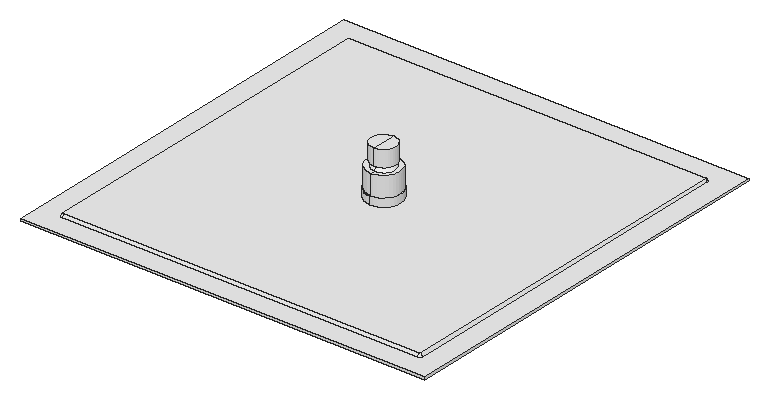
Revit family "ShowerHead-Vitra-LiteSeries-A45645", category Plumbing Fixtures, Revit 2017
Family settings
  Round Connector Dimension = Use Diameter
  Part Type = Normal
  OmniClass Number = 23.45.00.00
  OmniClass Title = Sanitary, Laundry, and Cleaning Equipment
  Work Plane-Based = Yes
  Always vertical = No
  Cut with Voids When Loaded = No
  Shared = Yes
  Room Calculation Point = No
Parameters (values of type "ShowerHead-Vitra-LiteSeries-A45645")
  Youtube = ""
  Weight Net (kg) = "3.6"
  Waste Connection = no
  Warranty Period (Year) = "5"
  Vent Connection = no
  Uniformat II Description = "Plumbing Fixtures"
  Uniformat II Code = "D2010"
  Uniclass 2015 Name = "Shower heads"
  Uniclass 2015 Code = "Pr_40_20_87_76"
  Uniclass 2.0 Description = "Shower Heads"
  Uniclass 2.0 Code = "PR-35-06-81"
  Uniclass 1.4 Description = "Showers"
  Uniclass 1.4 Code = "L7214"
  URL = "https://vitraglobal.com/"
  UNSPSC Description = ""
  UNSPSC Code = ""
  Technical description = "https://www.vitra.com.tr/pdf/A45645/"
  Tap hole Options (default) = ""
  Specification = ""
  Region South America = "All"
  Region Oceania = "All"
  Region North America = "All"
  Region Middle East = "All"
  Region Europe = "All"
  Region Asia = "All"
  Region Antarctica = "All"
  Region Africa = "All"
  Product url = "https://www.vitra.com.tr/dus-sistemleri/dus-basliklari/dus-basliklari/lite-ls-dus-basligi-sku-A45645/"
  Product manual = ""
  Product group = "Shower Heads"
  Product family = "Lite Series"
  Product data url = ""
  Product certification = "https://www.vitraglobal.com/brochures/"
  Product Type = "Shower Head"
  Product SKU = "A45645"
  Product Properties = "Shower Head  18 L/min."
  Product Guid = ""
  OmniClass Description = "Shower Head Fixtures"
  OmniClass Code = "23-31 17 19"
  Number Of Connections = "1"
  Nominal Width (mm) = 400 mm
  Nominal Height (mm) = 60 mm
  Nominal Depth (mm) = 400 mm
  NBS Referans Description = ""
  NBS Referans Code = ""
  Mounting type = ""
  Model = "A45645"
  Masterformat 2014 Description = "Residential Showers"
  Masterformat 2014 Code = "22 41 23"
  Manufacturer name = "Vitra"
  Manufacturer = "Vitra"
  Main Material = ""
  Installation instructions = ""
  IFC Classification = "Sanitary Terminal"
  Help = ""
  HW Connection = yes
  GTIP code = ""
  Features = ""
  EAN code = ""
  Design country = "Turkey"
  Description = "Lite LS Duş Başlığı"
  Default Elevation = 2300 mm
  Connection Diameter (mm) = 15 mm
  Color = "Chrome"
  Coating Material = Chrome
  Calculated flow = ""
  CW Connection = yes
  COBIe Type Category = ""
  Brand = "Artema"
  BIMobject category = "Showers"
  Article No. (default) = "A45645"
  Approvals = ""
  ApplicationType = ""
  Accessories (default) = ""
Reference planes
  plane 1 "Center (Front/Back)": y = 0
  plane 2: z = 0
  plane 3 "Center (Left/Right)": x = 0
  plane 4: z = -60
  plane 5: y = 200.783
  plane 6: y = -199.217
  plane 7: x = 200
  plane 8: x = -200
Forms (mm)
  Extrusion 1, solid, material "Chrome" <- "Coating Material", detail levels medium+fine
    sketch origin (0, -207.217, -50.3) x (1, 0, 0) y (0, 1, 0)
      loop
        line (-200, 408) -> (-200, 8) -> (200, 8) -> (200, 408) -> (-200, 408)
    from 0 to -2
  Blend 2, solid, material "Chrome" <- "Coating Material", detail levels medium+fine
    base sketch origin (0, -207.217, -50.3) x (1, 0, 0) y (0, 1, 0)
      loop
        arc (175.809, 29.702) -> (177.583, 30.421) -> (178.298, 32.196) r 2.447
        line (178.298, 32.196) -> (178.298, 383.809)
        arc (178.298, 383.809) -> (177.579, 385.583) -> (175.804, 386.298) r 2.447
        line (175.804, 386.298) -> (-175.809, 386.298)
        arc (-175.809, 386.298) -> (-177.583, 385.579) -> (-178.298, 383.804) r 2.447
        line (-178.298, 383.804) -> (-178.298, 32.191)
        arc (-178.298, 32.191) -> (-177.579, 30.417) -> (-175.804, 29.702) r 2.447
        line (-175.804, 29.702) -> (175.809, 29.702)
    top sketch origin (183.928, 0.783, -47.8) x (0, 1, 0) y (-1, 0, 0)
      loop
        line (175.854, 360.783) -> (-175.854, 360.783)
        arc (-175.854, 360.783) -> (-176.56, 360.488) -> (-176.854, 359.783) r 1.004
        line (-176.854, 359.783) -> (-176.854, 8.074)
        arc (-176.854, 8.074) -> (-176.56, 7.368) -> (-175.854, 7.074) r 1.004
        line (-175.854, 7.074) -> (175.854, 7.074)
        arc (175.854, 7.074) -> (176.56, 7.368) -> (176.854, 8.074) r 1.004
        line (176.854, 8.074) -> (176.854, 359.783)
        arc (176.854, 359.783) -> (176.56, 360.488) -> (175.854, 360.783) r 1.004
    from 0 to 0
  Revolve 3, solid, material "Chrome" <- "Coating Material", detail levels medium+fine
    sketch origin (0, 0, 0) x (0, 1, 0) y (0, 0, 1)
      loop
        line (16.064, -40.067) -> (16.064, -20.51) -> (11.064, -20.51) -> (8.535, -17.511) -> (8.535, -16.514)
        arc (8.535, -16.514) -> (8.827, -15.809) -> (9.531, -15.518) r 0.997
        line (9.531, -15.518) -> (12.11, -15.518) -> (12.11, 0) -> (0, 0) -> (0, -40.067) -> (0, -47.8) -> (17.086, -47.8) -> (17.086, -40.067) -> (16.064, -40.067)
      axis (0, -47.8) -> (0, 0)
    angle from 0 to 360
  Extrusion 4, solid, detail levels fine
    sketch origin (159.861, 0.783, -57.3) x (0, -1, 0) y (-1, 0, 0)
      loop
        circle (-159.972, 319.939) r 3.98
    from -5 to 0
  Extrusion 5, solid, detail levels fine
    sketch origin (479.813, 0.783, -57.3) x (0, -1, 0) y (-1, 0, 0)
      loop
        circle (-159.972, 319.939) r 3.98
    from -5 to 0
  Extrusion 6, solid, detail levels fine
    sketch origin (179.892, 0.783, -57.3) x (0, -1, 0) y (-1, 0, 0)
      loop
        circle (-159.972, 319.939) r 3.98
    from -5 to 0
  Extrusion 7, solid, detail levels fine
    sketch origin (199.845, 0.783, -57.3) x (0, -1, 0) y (-1, 0, 0)
      loop
        circle (-159.972, 319.939) r 3.98
    from -5 to 0
  Extrusion 8, solid, detail levels fine
    sketch origin (219.876, 0.783, -57.3) x (0, -1, 0) y (-1, 0, 0)
      loop
        circle (-159.972, 319.939) r 3.98
    from -5 to 0
  Extrusion 9, solid, detail levels fine
    sketch origin (239.868, 0.783, -57.3) x (0, -1, 0) y (-1, 0, 0)
      loop
        circle (-159.972, 319.939) r 3.98
    from -5 to 0
  Extrusion 10, solid, detail levels fine
    sketch origin (259.86, 0.783, -57.3) x (0, -1, 0) y (-1, 0, 0)
      loop
        circle (-159.972, 319.939) r 3.98
    from -5 to 0
  Extrusion 11, solid, detail levels fine
    sketch origin (279.853, 0.783, -57.3) x (0, -1, 0) y (-1, 0, 0)
      loop
        circle (-159.972, 319.939) r 3.98
    from -5 to 0
  Extrusion 12, solid, detail levels fine
    sketch origin (299.845, 0.783, -57.3) x (0, -1, 0) y (-1, 0, 0)
      loop
        circle (-159.972, 319.939) r 3.98
    from -5 to 0
  Extrusion 13, solid, detail levels fine
    sketch origin (319.837, 0.783, -57.3) x (0, -1, 0) y (-1, 0, 0)
      loop
        circle (-159.972, 319.939) r 3.98
    from -5 to 0
  Extrusion 14, solid, detail levels fine
    sketch origin (339.829, 0.783, -57.3) x (0, -1, 0) y (-1, 0, 0)
      loop
        circle (-159.972, 319.939) r 3.98
    from -5 to 0
  Extrusion 15, solid, detail levels fine
    sketch origin (359.86, 0.783, -57.3) x (0, -1, 0) y (-1, 0, 0)
      loop
        circle (-159.972, 319.939) r 3.98
    from -5 to 0
  Extrusion 16, solid, detail levels fine
    sketch origin (379.813, 0.783, -57.3) x (0, -1, 0) y (-1, 0, 0)
      loop
        circle (-159.972, 319.939) r 3.98
    from -5 to 0
  Extrusion 17, solid, detail levels fine
    sketch origin (399.845, 0.783, -57.3) x (0, -1, 0) y (-1, 0, 0)
      loop
        circle (-159.972, 319.939) r 3.98
    from -5 to 0
  Extrusion 18, solid, detail levels fine
    sketch origin (419.876, 0.783, -57.3) x (0, -1, 0) y (-1, 0, 0)
      loop
        circle (-159.972, 319.939) r 3.98
    from -5 to 0
  Extrusion 19, solid, detail levels fine
    sketch origin (439.751, 0.783, -57.3) x (0, -1, 0) y (-1, 0, 0)
      loop
        circle (-159.972, 319.939) r 3.98
    from -5 to 0
  Extrusion 20, solid, detail levels fine
    sketch origin (459.782, 0.783, -57.3) x (0, -1, 0) y (-1, 0, 0)
      loop
        circle (-159.972, 319.939) r 3.98
    from -5 to 0
  Extrusion 21, solid, detail levels fine
    sketch origin (159.861, -319.296, -57.3) x (0, -1, 0) y (-1, 0, 0)
      loop
        circle (-159.972, 319.939) r 3.98
    from -5 to 0
  Extrusion 22, solid, detail levels fine
    sketch origin (479.813, -319.296, -57.3) x (0, -1, 0) y (-1, 0, 0)
      loop
        circle (-159.972, 319.939) r 3.98
    from -5 to 0
  Extrusion 23, solid, detail levels fine
    sketch origin (179.892, -319.296, -57.3) x (0, -1, 0) y (-1, 0, 0)
      loop
        circle (-159.972, 319.939) r 3.98
    from -5 to 0
  Extrusion 24, solid, detail levels fine
    sketch origin (199.845, -319.296, -57.3) x (0, -1, 0) y (-1, 0, 0)
      loop
        circle (-159.972, 319.939) r 3.98
    from -5 to 0
  Extrusion 25, solid, detail levels fine
    sketch origin (219.876, -319.296, -57.3) x (0, -1, 0) y (-1, 0, 0)
      loop
        circle (-159.972, 319.939) r 3.98
    from -5 to 0
  Extrusion 26, solid, detail levels fine
    sketch origin (239.868, -319.296, -57.3) x (0, -1, 0) y (-1, 0, 0)
      loop
        circle (-159.972, 319.939) r 3.98
    from -5 to 0
  Extrusion 27, solid, detail levels fine
    sketch origin (259.86, -319.296, -57.3) x (0, -1, 0) y (-1, 0, 0)
      loop
        circle (-159.972, 319.939) r 3.98
    from -5 to 0
  Extrusion 28, solid, detail levels fine
    sketch origin (279.853, -319.296, -57.3) x (0, -1, 0) y (-1, 0, 0)
      loop
        circle (-159.972, 319.939) r 3.98
    from -5 to 0
  Extrusion 29, solid, detail levels fine
    sketch origin (299.845, -319.296, -57.3) x (0, -1, 0) y (-1, 0, 0)
      loop
        circle (-159.972, 319.939) r 3.98
    from -5 to 0
  Extrusion 30, solid, detail levels fine
    sketch origin (319.837, -319.296, -57.3) x (0, -1, 0) y (-1, 0, 0)
      loop
        circle (-159.972, 319.939) r 3.98
    from -5 to 0
  Extrusion 31, solid, detail levels fine
    sketch origin (339.829, -319.296, -57.3) x (0, -1, 0) y (-1, 0, 0)
      loop
        circle (-159.972, 319.939) r 3.98
    from -5 to 0
  Extrusion 32, solid, detail levels fine
    sketch origin (359.86, -319.296, -57.3) x (0, -1, 0) y (-1, 0, 0)
      loop
        circle (-159.972, 319.939) r 3.98
    from -5 to 0
  Extrusion 33, solid, detail levels fine
    sketch origin (379.813, -319.296, -57.3) x (0, -1, 0) y (-1, 0, 0)
      loop
        circle (-159.972, 319.939) r 3.98
    from -5 to 0
  Extrusion 34, solid, detail levels fine
    sketch origin (399.845, -319.296, -57.3) x (0, -1, 0) y (-1, 0, 0)
      loop
        circle (-159.972, 319.939) r 3.98
    from -5 to 0
  Extrusion 35, solid, detail levels fine
    sketch origin (419.876, -319.296, -57.3) x (0, -1, 0) y (-1, 0, 0)
      loop
        circle (-159.972, 319.939) r 3.98
    from -5 to 0
  Extrusion 36, solid, detail levels fine
    sketch origin (439.751, -319.296, -57.3) x (0, -1, 0) y (-1, 0, 0)
      loop
        circle (-159.972, 319.939) r 3.98
    from -5 to 0
  Extrusion 37, solid, detail levels fine
    sketch origin (459.782, -319.296, -57.3) x (0, -1, 0) y (-1, 0, 0)
      loop
        circle (-159.972, 319.939) r 3.98
    from -5 to 0
  Extrusion 38, solid, detail levels fine
    sketch origin (159.861, -19.222, -57.3) x (0, -1, 0) y (-1, 0, 0)
      loop
        circle (-159.972, 319.939) r 3.98
    from -5 to 0
  Extrusion 39, solid, detail levels fine
    sketch origin (479.813, -19.222, -57.3) x (0, -1, 0) y (-1, 0, 0)
      loop
        circle (-159.972, 319.939) r 3.98
    from -5 to 0
  Extrusion 40, solid, detail levels fine
    sketch origin (179.892, -19.222, -57.3) x (0, -1, 0) y (-1, 0, 0)
      loop
        circle (-159.972, 319.939) r 3.98
    from -5 to 0
  Extrusion 41, solid, detail levels fine
    sketch origin (199.845, -19.222, -57.3) x (0, -1, 0) y (-1, 0, 0)
      loop
        circle (-159.972, 319.939) r 3.98
    from -5 to 0
  Extrusion 42, solid, detail levels fine
    sketch origin (219.876, -19.222, -57.3) x (0, -1, 0) y (-1, 0, 0)
      loop
        circle (-159.972, 319.939) r 3.98
    from -5 to 0
  Extrusion 43, solid, detail levels fine
    sketch origin (239.868, -19.222, -57.3) x (0, -1, 0) y (-1, 0, 0)
      loop
        circle (-159.972, 319.939) r 3.98
    from -5 to 0
  Extrusion 44, solid, detail levels fine
    sketch origin (259.86, -19.222, -57.3) x (0, -1, 0) y (-1, 0, 0)
      loop
        circle (-159.972, 319.939) r 3.98
    from -5 to 0
  Extrusion 45, solid, detail levels fine
    sketch origin (279.853, -19.222, -57.3) x (0, -1, 0) y (-1, 0, 0)
      loop
        circle (-159.972, 319.939) r 3.98
    from -5 to 0
  Extrusion 46, solid, detail levels fine
    sketch origin (299.845, -19.222, -57.3) x (0, -1, 0) y (-1, 0, 0)
      loop
        circle (-159.972, 319.939) r 3.98
    from -5 to 0
  Extrusion 47, solid, detail levels fine
    sketch origin (319.837, -19.222, -57.3) x (0, -1, 0) y (-1, 0, 0)
      loop
        circle (-159.972, 319.939) r 3.98
    from -5 to 0
  Extrusion 48, solid, detail levels fine
    sketch origin (339.829, -19.222, -57.3) x (0, -1, 0) y (-1, 0, 0)
      loop
        circle (-159.972, 319.939) r 3.98
    from -5 to 0
  Extrusion 49, solid, detail levels fine
    sketch origin (359.86, -19.222, -57.3) x (0, -1, 0) y (-1, 0, 0)
      loop
        circle (-159.972, 319.939) r 3.98
    from -5 to 0
  Extrusion 50, solid, detail levels fine
    sketch origin (379.813, -19.222, -57.3) x (0, -1, 0) y (-1, 0, 0)
      loop
        circle (-159.972, 319.939) r 3.98
    from -5 to 0
  Extrusion 51, solid, detail levels fine
    sketch origin (399.845, -19.222, -57.3) x (0, -1, 0) y (-1, 0, 0)
      loop
        circle (-159.972, 319.939) r 3.98
    from -5 to 0
  Extrusion 52, solid, detail levels fine
    sketch origin (419.876, -19.222, -57.3) x (0, -1, 0) y (-1, 0, 0)
      loop
        circle (-159.972, 319.939) r 3.98
    from -5 to 0
  Extrusion 53, solid, detail levels fine
    sketch origin (439.751, -19.222, -57.3) x (0, -1, 0) y (-1, 0, 0)
      loop
        circle (-159.972, 319.939) r 3.98
    from -5 to 0
  Extrusion 54, solid, detail levels fine
    sketch origin (459.782, -19.222, -57.3) x (0, -1, 0) y (-1, 0, 0)
      loop
        circle (-159.972, 319.939) r 3.98
    from -5 to 0
  Extrusion 55, solid, detail levels fine
    sketch origin (159.861, -39.227, -57.3) x (0, -1, 0) y (-1, 0, 0)
      loop
        circle (-159.972, 319.939) r 3.98
    from -5 to 0
  Extrusion 56, solid, detail levels fine
    sketch origin (479.813, -39.227, -57.3) x (0, -1, 0) y (-1, 0, 0)
      loop
        circle (-159.972, 319.939) r 3.98
    from -5 to 0
  Extrusion 57, solid, detail levels fine
    sketch origin (179.892, -39.227, -57.3) x (0, -1, 0) y (-1, 0, 0)
      loop
        circle (-159.972, 319.939) r 3.98
    from -5 to 0
  Extrusion 58, solid, detail levels fine
    sketch origin (199.845, -39.227, -57.3) x (0, -1, 0) y (-1, 0, 0)
      loop
        circle (-159.972, 319.939) r 3.98
    from -5 to 0
  Extrusion 59, solid, detail levels fine
    sketch origin (219.876, -39.227, -57.3) x (0, -1, 0) y (-1, 0, 0)
      loop
        circle (-159.972, 319.939) r 3.98
    from -5 to 0
  Extrusion 60, solid, detail levels fine
    sketch origin (239.868, -39.227, -57.3) x (0, -1, 0) y (-1, 0, 0)
      loop
        circle (-159.972, 319.939) r 3.98
    from -5 to 0
  Extrusion 61, solid, detail levels fine
    sketch origin (259.86, -39.227, -57.3) x (0, -1, 0) y (-1, 0, 0)
      loop
        circle (-159.972, 319.939) r 3.98
    from -5 to 0
  Extrusion 62, solid, detail levels fine
    sketch origin (279.853, -39.227, -57.3) x (0, -1, 0) y (-1, 0, 0)
      loop
        circle (-159.972, 319.939) r 3.98
    from -5 to 0
  Extrusion 63, solid, detail levels fine
    sketch origin (299.845, -39.227, -57.3) x (0, -1, 0) y (-1, 0, 0)
      loop
        circle (-159.972, 319.939) r 3.98
    from -5 to 0
  Extrusion 64, solid, detail levels fine
    sketch origin (319.837, -39.227, -57.3) x (0, -1, 0) y (-1, 0, 0)
      loop
        circle (-159.972, 319.939) r 3.98
    from -5 to 0
  Extrusion 65, solid, detail levels fine
    sketch origin (339.829, -39.227, -57.3) x (0, -1, 0) y (-1, 0, 0)
      loop
        circle (-159.972, 319.939) r 3.98
    from -5 to 0
  Extrusion 66, solid, detail levels fine
    sketch origin (359.86, -39.227, -57.3) x (0, -1, 0) y (-1, 0, 0)
      loop
        circle (-159.972, 319.939) r 3.98
    from -5 to 0
  Extrusion 67, solid, detail levels fine
    sketch origin (379.813, -39.227, -57.3) x (0, -1, 0) y (-1, 0, 0)
      loop
        circle (-159.972, 319.939) r 3.98
    from -5 to 0
  Extrusion 68, solid, detail levels fine
    sketch origin (399.845, -39.227, -57.3) x (0, -1, 0) y (-1, 0, 0)
      loop
        circle (-159.972, 319.939) r 3.98
    from -5 to 0
  Extrusion 69, solid, detail levels fine
    sketch origin (419.876, -39.227, -57.3) x (0, -1, 0) y (-1, 0, 0)
      loop
        circle (-159.972, 319.939) r 3.98
    from -5 to 0
  Extrusion 70, solid, detail levels fine
    sketch origin (439.751, -39.227, -57.3) x (0, -1, 0) y (-1, 0, 0)
      loop
        circle (-159.972, 319.939) r 3.98
    from -5 to 0
  Extrusion 71, solid, detail levels fine
    sketch origin (459.782, -39.227, -57.3) x (0, -1, 0) y (-1, 0, 0)
      loop
        circle (-159.972, 319.939) r 3.98
    from -5 to 0
  Extrusion 72, solid, detail levels fine
    sketch origin (159.861, -59.232, -57.3) x (0, -1, 0) y (-1, 0, 0)
      loop
        circle (-159.972, 319.939) r 3.98
    from -5 to 0
  Extrusion 73, solid, detail levels fine
    sketch origin (479.813, -59.232, -57.3) x (0, -1, 0) y (-1, 0, 0)
      loop
        circle (-159.972, 319.939) r 3.98
    from -5 to 0
  Extrusion 74, solid, detail levels fine
    sketch origin (179.892, -59.232, -57.3) x (0, -1, 0) y (-1, 0, 0)
      loop
        circle (-159.972, 319.939) r 3.98
    from -5 to 0
  Extrusion 75, solid, detail levels fine
    sketch origin (199.845, -59.232, -57.3) x (0, -1, 0) y (-1, 0, 0)
      loop
        circle (-159.972, 319.939) r 3.98
    from -5 to 0
  Extrusion 76, solid, detail levels fine
    sketch origin (219.876, -59.232, -57.3) x (0, -1, 0) y (-1, 0, 0)
      loop
        circle (-159.972, 319.939) r 3.98
    from -5 to 0
  Extrusion 77, solid, detail levels fine
    sketch origin (239.868, -59.232, -57.3) x (0, -1, 0) y (-1, 0, 0)
      loop
        circle (-159.972, 319.939) r 3.98
    from -5 to 0
  Extrusion 78, solid, detail levels fine
    sketch origin (259.86, -59.232, -57.3) x (0, -1, 0) y (-1, 0, 0)
      loop
        circle (-159.972, 319.939) r 3.98
    from -5 to 0
  Extrusion 79, solid, detail levels fine
    sketch origin (279.853, -59.232, -57.3) x (0, -1, 0) y (-1, 0, 0)
      loop
        circle (-159.972, 319.939) r 3.98
    from -5 to 0
  Extrusion 80, solid, detail levels fine
    sketch origin (299.845, -59.232, -57.3) x (0, -1, 0) y (-1, 0, 0)
      loop
        circle (-159.972, 319.939) r 3.98
    from -5 to 0
  Extrusion 81, solid, detail levels fine
    sketch origin (319.837, -59.232, -57.3) x (0, -1, 0) y (-1, 0, 0)
      loop
        circle (-159.972, 319.939) r 3.98
    from -5 to 0
  Extrusion 82, solid, detail levels fine
    sketch origin (339.829, -59.232, -57.3) x (0, -1, 0) y (-1, 0, 0)
      loop
        circle (-159.972, 319.939) r 3.98
    from -5 to 0
  Extrusion 83, solid, detail levels fine
    sketch origin (359.86, -59.232, -57.3) x (0, -1, 0) y (-1, 0, 0)
      loop
        circle (-159.972, 319.939) r 3.98
    from -5 to 0
  Extrusion 84, solid, detail levels fine
    sketch origin (379.813, -59.232, -57.3) x (0, -1, 0) y (-1, 0, 0)
      loop
        circle (-159.972, 319.939) r 3.98
    from -5 to 0
  Extrusion 85, solid, detail levels fine
    sketch origin (399.845, -59.232, -57.3) x (0, -1, 0) y (-1, 0, 0)
      loop
        circle (-159.972, 319.939) r 3.98
    from -5 to 0
  Extrusion 86, solid, detail levels fine
    sketch origin (419.876, -59.232, -57.3) x (0, -1, 0) y (-1, 0, 0)
      loop
        circle (-159.972, 319.939) r 3.98
    from -5 to 0
  Extrusion 87, solid, detail levels fine
    sketch origin (439.751, -59.232, -57.3) x (0, -1, 0) y (-1, 0, 0)
      loop
        circle (-159.972, 319.939) r 3.98
    from -5 to 0
  Extrusion 88, solid, detail levels fine
    sketch origin (459.782, -59.232, -57.3) x (0, -1, 0) y (-1, 0, 0)
      loop
        circle (-159.972, 319.939) r 3.98
    from -5 to 0
  Extrusion 89, solid, detail levels fine
    sketch origin (159.861, -79.237, -57.3) x (0, -1, 0) y (-1, 0, 0)
      loop
        circle (-159.972, 319.939) r 3.98
    from -5 to 0
  Extrusion 90, solid, detail levels fine
    sketch origin (479.813, -79.237, -57.3) x (0, -1, 0) y (-1, 0, 0)
      loop
        circle (-159.972, 319.939) r 3.98
    from -5 to 0
  Extrusion 91, solid, detail levels fine
    sketch origin (179.892, -79.237, -57.3) x (0, -1, 0) y (-1, 0, 0)
      loop
        circle (-159.972, 319.939) r 3.98
    from -5 to 0
  Extrusion 92, solid, detail levels fine
    sketch origin (199.845, -79.237, -57.3) x (0, -1, 0) y (-1, 0, 0)
      loop
        circle (-159.972, 319.939) r 3.98
    from -5 to 0
  Extrusion 93, solid, detail levels fine
    sketch origin (219.876, -79.237, -57.3) x (0, -1, 0) y (-1, 0, 0)
      loop
        circle (-159.972, 319.939) r 3.98
    from -5 to 0
  Extrusion 94, solid, detail levels fine
    sketch origin (239.868, -79.237, -57.3) x (0, -1, 0) y (-1, 0, 0)
      loop
        circle (-159.972, 319.939) r 3.98
    from -5 to 0
  Extrusion 95, solid, detail levels fine
    sketch origin (259.86, -79.237, -57.3) x (0, -1, 0) y (-1, 0, 0)
      loop
        circle (-159.972, 319.939) r 3.98
    from -5 to 0
  Extrusion 96, solid, detail levels fine
    sketch origin (279.853, -79.237, -57.3) x (0, -1, 0) y (-1, 0, 0)
      loop
        circle (-159.972, 319.939) r 3.98
    from -5 to 0
  Extrusion 97, solid, detail levels fine
    sketch origin (299.845, -79.237, -57.3) x (0, -1, 0) y (-1, 0, 0)
      loop
        circle (-159.972, 319.939) r 3.98
    from -5 to 0
  Extrusion 98, solid, detail levels fine
    sketch origin (319.837, -79.237, -57.3) x (0, -1, 0) y (-1, 0, 0)
      loop
        circle (-159.972, 319.939) r 3.98
    from -5 to 0
  Extrusion 99, solid, detail levels fine
    sketch origin (339.829, -79.237, -57.3) x (0, -1, 0) y (-1, 0, 0)
      loop
        circle (-159.972, 319.939) r 3.98
    from -5 to 0
  Extrusion 100, solid, detail levels fine
    sketch origin (359.86, -79.237, -57.3) x (0, -1, 0) y (-1, 0, 0)
      loop
        circle (-159.972, 319.939) r 3.98
    from -5 to 0
  Extrusion 101, solid, detail levels fine
    sketch origin (379.813, -79.237, -57.3) x (0, -1, 0) y (-1, 0, 0)
      loop
        circle (-159.972, 319.939) r 3.98
    from -5 to 0
  Extrusion 102, solid, detail levels fine
    sketch origin (399.845, -79.237, -57.3) x (0, -1, 0) y (-1, 0, 0)
      loop
        circle (-159.972, 319.939) r 3.98
    from -5 to 0
  Extrusion 103, solid, detail levels fine
    sketch origin (419.876, -79.237, -57.3) x (0, -1, 0) y (-1, 0, 0)
      loop
        circle (-159.972, 319.939) r 3.98
    from -5 to 0
  Extrusion 104, solid, detail levels fine
    sketch origin (439.751, -79.237, -57.3) x (0, -1, 0) y (-1, 0, 0)
      loop
        circle (-159.972, 319.939) r 3.98
    from -5 to 0
  Extrusion 105, solid, detail levels fine
    sketch origin (459.782, -79.237, -57.3) x (0, -1, 0) y (-1, 0, 0)
      loop
        circle (-159.972, 319.939) r 3.98
    from -5 to 0
  Extrusion 106, solid, detail levels fine
    sketch origin (159.861, -99.242, -57.3) x (0, -1, 0) y (-1, 0, 0)
      loop
        circle (-159.972, 319.939) r 3.98
    from -5 to 0
  Extrusion 107, solid, detail levels fine
    sketch origin (479.813, -99.242, -57.3) x (0, -1, 0) y (-1, 0, 0)
      loop
        circle (-159.972, 319.939) r 3.98
    from -5 to 0
  Extrusion 108, solid, detail levels fine
    sketch origin (179.892, -99.242, -57.3) x (0, -1, 0) y (-1, 0, 0)
      loop
        circle (-159.972, 319.939) r 3.98
    from -5 to 0
  Extrusion 109, solid, detail levels fine
    sketch origin (199.845, -99.242, -57.3) x (0, -1, 0) y (-1, 0, 0)
      loop
        circle (-159.972, 319.939) r 3.98
    from -5 to 0
  Extrusion 110, solid, detail levels fine
    sketch origin (219.876, -99.242, -57.3) x (0, -1, 0) y (-1, 0, 0)
      loop
        circle (-159.972, 319.939) r 3.98
    from -5 to 0
  Extrusion 111, solid, detail levels fine
    sketch origin (239.868, -99.242, -57.3) x (0, -1, 0) y (-1, 0, 0)
      loop
        circle (-159.972, 319.939) r 3.98
    from -5 to 0
  Extrusion 112, solid, detail levels fine
    sketch origin (259.86, -99.242, -57.3) x (0, -1, 0) y (-1, 0, 0)
      loop
        circle (-159.972, 319.939) r 3.98
    from -5 to 0
  Extrusion 113, solid, detail levels fine
    sketch origin (279.853, -99.242, -57.3) x (0, -1, 0) y (-1, 0, 0)
      loop
        circle (-159.972, 319.939) r 3.98
    from -5 to 0
  Extrusion 114, solid, detail levels fine
    sketch origin (299.845, -99.242, -57.3) x (0, -1, 0) y (-1, 0, 0)
      loop
        circle (-159.972, 319.939) r 3.98
    from -5 to 0
  Extrusion 115, solid, detail levels fine
    sketch origin (319.837, -99.242, -57.3) x (0, -1, 0) y (-1, 0, 0)
      loop
        circle (-159.972, 319.939) r 3.98
    from -5 to 0
  Extrusion 116, solid, detail levels fine
    sketch origin (339.829, -99.242, -57.3) x (0, -1, 0) y (-1, 0, 0)
      loop
        circle (-159.972, 319.939) r 3.98
    from -5 to 0
  Extrusion 117, solid, detail levels fine
    sketch origin (359.86, -99.242, -57.3) x (0, -1, 0) y (-1, 0, 0)
      loop
        circle (-159.972, 319.939) r 3.98
    from -5 to 0
  Extrusion 118, solid, detail levels fine
    sketch origin (379.813, -99.242, -57.3) x (0, -1, 0) y (-1, 0, 0)
      loop
        circle (-159.972, 319.939) r 3.98
    from -5 to 0
  Extrusion 119, solid, detail levels fine
    sketch origin (399.845, -99.242, -57.3) x (0, -1, 0) y (-1, 0, 0)
      loop
        circle (-159.972, 319.939) r 3.98
    from -5 to 0
  Extrusion 120, solid, detail levels fine
    sketch origin (419.876, -99.242, -57.3) x (0, -1, 0) y (-1, 0, 0)
      loop
        circle (-159.972, 319.939) r 3.98
    from -5 to 0
  Extrusion 121, solid, detail levels fine
    sketch origin (439.751, -99.242, -57.3) x (0, -1, 0) y (-1, 0, 0)
      loop
        circle (-159.972, 319.939) r 3.98
    from -5 to 0
  Extrusion 122, solid, detail levels fine
    sketch origin (459.782, -99.242, -57.3) x (0, -1, 0) y (-1, 0, 0)
      loop
        circle (-159.972, 319.939) r 3.98
    from -5 to 0
  Extrusion 123, solid, detail levels fine
    sketch origin (159.861, -119.247, -57.3) x (0, -1, 0) y (-1, 0, 0)
      loop
        circle (-159.972, 319.939) r 3.98
    from -5 to 0
  Extrusion 124, solid, detail levels fine
    sketch origin (479.813, -119.247, -57.3) x (0, -1, 0) y (-1, 0, 0)
      loop
        circle (-159.972, 319.939) r 3.98
    from -5 to 0
  Extrusion 125, solid, detail levels fine
    sketch origin (179.892, -119.247, -57.3) x (0, -1, 0) y (-1, 0, 0)
      loop
        circle (-159.972, 319.939) r 3.98
    from -5 to 0
  Extrusion 126, solid, detail levels fine
    sketch origin (199.845, -119.247, -57.3) x (0, -1, 0) y (-1, 0, 0)
      loop
        circle (-159.972, 319.939) r 3.98
    from -5 to 0
  Extrusion 127, solid, detail levels fine
    sketch origin (219.876, -119.247, -57.3) x (0, -1, 0) y (-1, 0, 0)
      loop
        circle (-159.972, 319.939) r 3.98
    from -5 to 0
  Extrusion 128, solid, detail levels fine
    sketch origin (239.868, -119.247, -57.3) x (0, -1, 0) y (-1, 0, 0)
      loop
        circle (-159.972, 319.939) r 3.98
    from -5 to 0
  Extrusion 129, solid, detail levels fine
    sketch origin (259.86, -119.247, -57.3) x (0, -1, 0) y (-1, 0, 0)
      loop
        circle (-159.972, 319.939) r 3.98
    from -5 to 0
  Extrusion 130, solid, detail levels fine
    sketch origin (279.853, -119.247, -57.3) x (0, -1, 0) y (-1, 0, 0)
      loop
        circle (-159.972, 319.939) r 3.98
    from -5 to 0
  Extrusion 131, solid, detail levels fine
    sketch origin (299.845, -119.247, -57.3) x (0, -1, 0) y (-1, 0, 0)
      loop
        circle (-159.972, 319.939) r 3.98
    from -5 to 0
  Extrusion 132, solid, detail levels fine
    sketch origin (319.837, -119.247, -57.3) x (0, -1, 0) y (-1, 0, 0)
      loop
        circle (-159.972, 319.939) r 3.98
    from -5 to 0
  Extrusion 133, solid, detail levels fine
    sketch origin (339.829, -119.247, -57.3) x (0, -1, 0) y (-1, 0, 0)
      loop
        circle (-159.972, 319.939) r 3.98
    from -5 to 0
  Extrusion 134, solid, detail levels fine
    sketch origin (359.86, -119.247, -57.3) x (0, -1, 0) y (-1, 0, 0)
      loop
        circle (-159.972, 319.939) r 3.98
    from -5 to 0
  Extrusion 135, solid, detail levels fine
    sketch origin (379.813, -119.247, -57.3) x (0, -1, 0) y (-1, 0, 0)
      loop
        circle (-159.972, 319.939) r 3.98
    from -5 to 0
  Extrusion 136, solid, detail levels fine
    sketch origin (399.845, -119.247, -57.3) x (0, -1, 0) y (-1, 0, 0)
      loop
        circle (-159.972, 319.939) r 3.98
    from -5 to 0
  Extrusion 137, solid, detail levels fine
    sketch origin (419.876, -119.247, -57.3) x (0, -1, 0) y (-1, 0, 0)
      loop
        circle (-159.972, 319.939) r 3.98
    from -5 to 0
  Extrusion 138, solid, detail levels fine
    sketch origin (439.751, -119.247, -57.3) x (0, -1, 0) y (-1, 0, 0)
      loop
        circle (-159.972, 319.939) r 3.98
    from -5 to 0
  Extrusion 139, solid, detail levels fine
    sketch origin (459.782, -119.247, -57.3) x (0, -1, 0) y (-1, 0, 0)
      loop
        circle (-159.972, 319.939) r 3.98
    from -5 to 0
  Extrusion 140, solid, detail levels fine
    sketch origin (159.861, -139.251, -57.3) x (0, -1, 0) y (-1, 0, 0)
      loop
        circle (-159.972, 319.939) r 3.98
    from -5 to 0
  Extrusion 141, solid, detail levels fine
    sketch origin (479.813, -139.251, -57.3) x (0, -1, 0) y (-1, 0, 0)
      loop
        circle (-159.972, 319.939) r 3.98
    from -5 to 0
  Extrusion 142, solid, detail levels fine
    sketch origin (179.892, -139.251, -57.3) x (0, -1, 0) y (-1, 0, 0)
      loop
        circle (-159.972, 319.939) r 3.98
    from -5 to 0
  Extrusion 143, solid, detail levels fine
    sketch origin (199.845, -139.251, -57.3) x (0, -1, 0) y (-1, 0, 0)
      loop
        circle (-159.972, 319.939) r 3.98
    from -5 to 0
  Extrusion 144, solid, detail levels fine
    sketch origin (219.876, -139.251, -57.3) x (0, -1, 0) y (-1, 0, 0)
      loop
        circle (-159.972, 319.939) r 3.98
    from -5 to 0
  Extrusion 145, solid, detail levels fine
    sketch origin (239.868, -139.251, -57.3) x (0, -1, 0) y (-1, 0, 0)
      loop
        circle (-159.972, 319.939) r 3.98
    from -5 to 0
  Extrusion 146, solid, detail levels fine
    sketch origin (259.86, -139.251, -57.3) x (0, -1, 0) y (-1, 0, 0)
      loop
        circle (-159.972, 319.939) r 3.98
    from -5 to 0
  Extrusion 147, solid, detail levels fine
    sketch origin (279.853, -139.251, -57.3) x (0, -1, 0) y (-1, 0, 0)
      loop
        circle (-159.972, 319.939) r 3.98
    from -5 to 0
  Extrusion 148, solid, detail levels fine
    sketch origin (299.845, -139.251, -57.3) x (0, -1, 0) y (-1, 0, 0)
      loop
        circle (-159.972, 319.939) r 3.98
    from -5 to 0
  Extrusion 149, solid, detail levels fine
    sketch origin (319.837, -139.251, -57.3) x (0, -1, 0) y (-1, 0, 0)
      loop
        circle (-159.972, 319.939) r 3.98
    from -5 to 0
  Extrusion 150, solid, detail levels fine
    sketch origin (339.829, -139.251, -57.3) x (0, -1, 0) y (-1, 0, 0)
      loop
        circle (-159.972, 319.939) r 3.98
    from -5 to 0
  Extrusion 151, solid, detail levels fine
    sketch origin (359.86, -139.251, -57.3) x (0, -1, 0) y (-1, 0, 0)
      loop
        circle (-159.972, 319.939) r 3.98
    from -5 to 0
  Extrusion 152, solid, detail levels fine
    sketch origin (379.813, -139.251, -57.3) x (0, -1, 0) y (-1, 0, 0)
      loop
        circle (-159.972, 319.939) r 3.98
    from -5 to 0
  Extrusion 153, solid, detail levels fine
    sketch origin (399.845, -139.251, -57.3) x (0, -1, 0) y (-1, 0, 0)
      loop
        circle (-159.972, 319.939) r 3.98
    from -5 to 0
  Extrusion 154, solid, detail levels fine
    sketch origin (419.876, -139.251, -57.3) x (0, -1, 0) y (-1, 0, 0)
      loop
        circle (-159.972, 319.939) r 3.98
    from -5 to 0
  Extrusion 155, solid, detail levels fine
    sketch origin (439.751, -139.251, -57.3) x (0, -1, 0) y (-1, 0, 0)
      loop
        circle (-159.972, 319.939) r 3.98
    from -5 to 0
  Extrusion 156, solid, detail levels fine
    sketch origin (459.782, -139.251, -57.3) x (0, -1, 0) y (-1, 0, 0)
      loop
        circle (-159.972, 319.939) r 3.98
    from -5 to 0
  Extrusion 157, solid, detail levels fine
    sketch origin (159.861, -159.256, -57.3) x (0, -1, 0) y (-1, 0, 0)
      loop
        circle (-159.972, 319.939) r 3.98
    from -5 to 0
  Extrusion 158, solid, detail levels fine
    sketch origin (479.813, -159.256, -57.3) x (0, -1, 0) y (-1, 0, 0)
      loop
        circle (-159.972, 319.939) r 3.98
    from -5 to 0
  Extrusion 159, solid, detail levels fine
    sketch origin (179.892, -159.256, -57.3) x (0, -1, 0) y (-1, 0, 0)
      loop
        circle (-159.972, 319.939) r 3.98
    from -5 to 0
  Extrusion 160, solid, detail levels fine
    sketch origin (199.845, -159.256, -57.3) x (0, -1, 0) y (-1, 0, 0)
      loop
        circle (-159.972, 319.939) r 3.98
    from -5 to 0
  Extrusion 161, solid, detail levels fine
    sketch origin (219.876, -159.256, -57.3) x (0, -1, 0) y (-1, 0, 0)
      loop
        circle (-159.972, 319.939) r 3.98
    from -5 to 0
  Extrusion 162, solid, detail levels fine
    sketch origin (239.868, -159.256, -57.3) x (0, -1, 0) y (-1, 0, 0)
      loop
        circle (-159.972, 319.939) r 3.98
    from -5 to 0
  Extrusion 163, solid, detail levels fine
    sketch origin (259.86, -159.256, -57.3) x (0, -1, 0) y (-1, 0, 0)
      loop
        circle (-159.972, 319.939) r 3.98
    from -5 to 0
  Extrusion 164, solid, detail levels fine
    sketch origin (279.853, -159.256, -57.3) x (0, -1, 0) y (-1, 0, 0)
      loop
        circle (-159.972, 319.939) r 3.98
    from -5 to 0
  Extrusion 165, solid, detail levels fine
    sketch origin (299.845, -159.256, -57.3) x (0, -1, 0) y (-1, 0, 0)
      loop
        circle (-159.972, 319.939) r 3.98
    from -5 to 0
  Extrusion 166, solid, detail levels fine
    sketch origin (319.837, -159.256, -57.3) x (0, -1, 0) y (-1, 0, 0)
      loop
        circle (-159.972, 319.939) r 3.98
    from -5 to 0
  Extrusion 167, solid, detail levels fine
    sketch origin (339.829, -159.256, -57.3) x (0, -1, 0) y (-1, 0, 0)
      loop
        circle (-159.972, 319.939) r 3.98
    from -5 to 0
  Extrusion 168, solid, detail levels fine
    sketch origin (359.86, -159.256, -57.3) x (0, -1, 0) y (-1, 0, 0)
      loop
        circle (-159.972, 319.939) r 3.98
    from -5 to 0
  Extrusion 169, solid, detail levels fine
    sketch origin (379.813, -159.256, -57.3) x (0, -1, 0) y (-1, 0, 0)
      loop
        circle (-159.972, 319.939) r 3.98
    from -5 to 0
  Extrusion 170, solid, detail levels fine
    sketch origin (399.845, -159.256, -57.3) x (0, -1, 0) y (-1, 0, 0)
      loop
        circle (-159.972, 319.939) r 3.98
    from -5 to 0
  Extrusion 171, solid, detail levels fine
    sketch origin (419.876, -159.256, -57.3) x (0, -1, 0) y (-1, 0, 0)
      loop
        circle (-159.972, 319.939) r 3.98
    from -5 to 0
  Extrusion 172, solid, detail levels fine
    sketch origin (439.751, -159.256, -57.3) x (0, -1, 0) y (-1, 0, 0)
      loop
        circle (-159.972, 319.939) r 3.98
    from -5 to 0
  Extrusion 173, solid, detail levels fine
    sketch origin (459.782, -159.256, -57.3) x (0, -1, 0) y (-1, 0, 0)
      loop
        circle (-159.972, 319.939) r 3.98
    from -5 to 0
  Extrusion 174, solid, detail levels fine
    sketch origin (159.861, -179.261, -57.3) x (0, -1, 0) y (-1, 0, 0)
      loop
        circle (-159.972, 319.939) r 3.98
    from -5 to 0
  Extrusion 175, solid, detail levels fine
    sketch origin (479.813, -179.261, -57.3) x (0, -1, 0) y (-1, 0, 0)
      loop
        circle (-159.972, 319.939) r 3.98
    from -5 to 0
  Extrusion 176, solid, detail levels fine
    sketch origin (179.892, -179.261, -57.3) x (0, -1, 0) y (-1, 0, 0)
      loop
        circle (-159.972, 319.939) r 3.98
    from -5 to 0
  Extrusion 177, solid, detail levels fine
    sketch origin (199.845, -179.261, -57.3) x (0, -1, 0) y (-1, 0, 0)
      loop
        circle (-159.972, 319.939) r 3.98
    from -5 to 0
  Extrusion 178, solid, detail levels fine
    sketch origin (219.876, -179.261, -57.3) x (0, -1, 0) y (-1, 0, 0)
      loop
        circle (-159.972, 319.939) r 3.98
    from -5 to 0
  Extrusion 179, solid, detail levels fine
    sketch origin (239.868, -179.261, -57.3) x (0, -1, 0) y (-1, 0, 0)
      loop
        circle (-159.972, 319.939) r 3.98
    from -5 to 0
  Extrusion 180, solid, detail levels fine
    sketch origin (259.86, -179.261, -57.3) x (0, -1, 0) y (-1, 0, 0)
      loop
        circle (-159.972, 319.939) r 3.98
    from -5 to 0
  Extrusion 181, solid, detail levels fine
    sketch origin (279.853, -179.261, -57.3) x (0, -1, 0) y (-1, 0, 0)
      loop
        circle (-159.972, 319.939) r 3.98
    from -5 to 0
  Extrusion 182, solid, detail levels fine
    sketch origin (299.845, -179.261, -57.3) x (0, -1, 0) y (-1, 0, 0)
      loop
        circle (-159.972, 319.939) r 3.98
    from -5 to 0
  Extrusion 183, solid, detail levels fine
    sketch origin (319.837, -179.261, -57.3) x (0, -1, 0) y (-1, 0, 0)
      loop
        circle (-159.972, 319.939) r 3.98
    from -5 to 0
  Extrusion 184, solid, detail levels fine
    sketch origin (339.829, -179.261, -57.3) x (0, -1, 0) y (-1, 0, 0)
      loop
        circle (-159.972, 319.939) r 3.98
    from -5 to 0
  Extrusion 185, solid, detail levels fine
    sketch origin (359.86, -179.261, -57.3) x (0, -1, 0) y (-1, 0, 0)
      loop
        circle (-159.972, 319.939) r 3.98
    from -5 to 0
  Extrusion 186, solid, detail levels fine
    sketch origin (379.813, -179.261, -57.3) x (0, -1, 0) y (-1, 0, 0)
      loop
        circle (-159.972, 319.939) r 3.98
    from -5 to 0
  Extrusion 187, solid, detail levels fine
    sketch origin (399.845, -179.261, -57.3) x (0, -1, 0) y (-1, 0, 0)
      loop
        circle (-159.972, 319.939) r 3.98
    from -5 to 0
  Extrusion 188, solid, detail levels fine
    sketch origin (419.876, -179.261, -57.3) x (0, -1, 0) y (-1, 0, 0)
      loop
        circle (-159.972, 319.939) r 3.98
    from -5 to 0
  Extrusion 189, solid, detail levels fine
    sketch origin (439.751, -179.261, -57.3) x (0, -1, 0) y (-1, 0, 0)
      loop
        circle (-159.972, 319.939) r 3.98
    from -5 to 0
  Extrusion 190, solid, detail levels fine
    sketch origin (459.782, -179.261, -57.3) x (0, -1, 0) y (-1, 0, 0)
      loop
        circle (-159.972, 319.939) r 3.98
    from -5 to 0
  Extrusion 191, solid, detail levels fine
    sketch origin (159.861, -199.266, -57.3) x (0, -1, 0) y (-1, 0, 0)
      loop
        circle (-159.972, 319.939) r 3.98
    from -5 to 0
  Extrusion 192, solid, detail levels fine
    sketch origin (479.813, -199.266, -57.3) x (0, -1, 0) y (-1, 0, 0)
      loop
        circle (-159.972, 319.939) r 3.98
    from -5 to 0
  Extrusion 193, solid, detail levels fine
    sketch origin (179.892, -199.266, -57.3) x (0, -1, 0) y (-1, 0, 0)
      loop
        circle (-159.972, 319.939) r 3.98
    from -5 to 0
  Extrusion 194, solid, detail levels fine
    sketch origin (199.845, -199.266, -57.3) x (0, -1, 0) y (-1, 0, 0)
      loop
        circle (-159.972, 319.939) r 3.98
    from -5 to 0
  Extrusion 195, solid, detail levels fine
    sketch origin (219.876, -199.266, -57.3) x (0, -1, 0) y (-1, 0, 0)
      loop
        circle (-159.972, 319.939) r 3.98
    from -5 to 0
  Extrusion 196, solid, detail levels fine
    sketch origin (239.868, -199.266, -57.3) x (0, -1, 0) y (-1, 0, 0)
      loop
        circle (-159.972, 319.939) r 3.98
    from -5 to 0
  Extrusion 197, solid, detail levels fine
    sketch origin (259.86, -199.266, -57.3) x (0, -1, 0) y (-1, 0, 0)
      loop
        circle (-159.972, 319.939) r 3.98
    from -5 to 0
  Extrusion 198, solid, detail levels fine
    sketch origin (279.853, -199.266, -57.3) x (0, -1, 0) y (-1, 0, 0)
      loop
        circle (-159.972, 319.939) r 3.98
    from -5 to 0
  Extrusion 199, solid, detail levels fine
    sketch origin (299.845, -199.266, -57.3) x (0, -1, 0) y (-1, 0, 0)
      loop
        circle (-159.972, 319.939) r 3.98
    from -5 to 0
  Extrusion 200, solid, detail levels fine
    sketch origin (319.837, -199.266, -57.3) x (0, -1, 0) y (-1, 0, 0)
      loop
        circle (-159.972, 319.939) r 3.98
    from -5 to 0
  Extrusion 201, solid, detail levels fine
    sketch origin (339.829, -199.266, -57.3) x (0, -1, 0) y (-1, 0, 0)
      loop
        circle (-159.972, 319.939) r 3.98
    from -5 to 0
  Extrusion 202, solid, detail levels fine
    sketch origin (359.86, -199.266, -57.3) x (0, -1, 0) y (-1, 0, 0)
      loop
        circle (-159.972, 319.939) r 3.98
    from -5 to 0
  Extrusion 203, solid, detail levels fine
    sketch origin (379.813, -199.266, -57.3) x (0, -1, 0) y (-1, 0, 0)
      loop
        circle (-159.972, 319.939) r 3.98
    from -5 to 0
  Extrusion 204, solid, detail levels fine
    sketch origin (399.845, -199.266, -57.3) x (0, -1, 0) y (-1, 0, 0)
      loop
        circle (-159.972, 319.939) r 3.98
    from -5 to 0
  Extrusion 205, solid, detail levels fine
    sketch origin (419.876, -199.266, -57.3) x (0, -1, 0) y (-1, 0, 0)
      loop
        circle (-159.972, 319.939) r 3.98
    from -5 to 0
  Extrusion 206, solid, detail levels fine
    sketch origin (439.751, -199.266, -57.3) x (0, -1, 0) y (-1, 0, 0)
      loop
        circle (-159.972, 319.939) r 3.98
    from -5 to 0
  Extrusion 207, solid, detail levels fine
    sketch origin (459.782, -199.266, -57.3) x (0, -1, 0) y (-1, 0, 0)
      loop
        circle (-159.972, 319.939) r 3.98
    from -5 to 0
  Extrusion 208, solid, detail levels fine
    sketch origin (159.861, -219.271, -57.3) x (0, -1, 0) y (-1, 0, 0)
      loop
        circle (-159.972, 319.939) r 3.98
    from -5 to 0
  Extrusion 209, solid, detail levels fine
    sketch origin (479.813, -219.271, -57.3) x (0, -1, 0) y (-1, 0, 0)
      loop
        circle (-159.972, 319.939) r 3.98
    from -5 to 0
  Extrusion 210, solid, detail levels fine
    sketch origin (179.892, -219.271, -57.3) x (0, -1, 0) y (-1, 0, 0)
      loop
        circle (-159.972, 319.939) r 3.98
    from -5 to 0
  Extrusion 211, solid, detail levels fine
    sketch origin (199.845, -219.271, -57.3) x (0, -1, 0) y (-1, 0, 0)
      loop
        circle (-159.972, 319.939) r 3.98
    from -5 to 0
  Extrusion 212, solid, detail levels fine
    sketch origin (219.876, -219.271, -57.3) x (0, -1, 0) y (-1, 0, 0)
      loop
        circle (-159.972, 319.939) r 3.98
    from -5 to 0
  Extrusion 213, solid, detail levels fine
    sketch origin (239.868, -219.271, -57.3) x (0, -1, 0) y (-1, 0, 0)
      loop
        circle (-159.972, 319.939) r 3.98
    from -5 to 0
  Extrusion 214, solid, detail levels fine
    sketch origin (259.86, -219.271, -57.3) x (0, -1, 0) y (-1, 0, 0)
      loop
        circle (-159.972, 319.939) r 3.98
    from -5 to 0
  Extrusion 215, solid, detail levels fine
    sketch origin (279.853, -219.271, -57.3) x (0, -1, 0) y (-1, 0, 0)
      loop
        circle (-159.972, 319.939) r 3.98
    from -5 to 0
  Extrusion 216, solid, detail levels fine
    sketch origin (299.845, -219.271, -57.3) x (0, -1, 0) y (-1, 0, 0)
      loop
        circle (-159.972, 319.939) r 3.98
    from -5 to 0
  Extrusion 217, solid, detail levels fine
    sketch origin (319.837, -219.271, -57.3) x (0, -1, 0) y (-1, 0, 0)
      loop
        circle (-159.972, 319.939) r 3.98
    from -5 to 0
  Extrusion 218, solid, detail levels fine
    sketch origin (339.829, -219.271, -57.3) x (0, -1, 0) y (-1, 0, 0)
      loop
        circle (-159.972, 319.939) r 3.98
    from -5 to 0
  Extrusion 219, solid, detail levels fine
    sketch origin (359.86, -219.271, -57.3) x (0, -1, 0) y (-1, 0, 0)
      loop
        circle (-159.972, 319.939) r 3.98
    from -5 to 0
  Extrusion 220, solid, detail levels fine
    sketch origin (379.813, -219.271, -57.3) x (0, -1, 0) y (-1, 0, 0)
      loop
        circle (-159.972, 319.939) r 3.98
    from -5 to 0
  Extrusion 221, solid, detail levels fine
    sketch origin (399.845, -219.271, -57.3) x (0, -1, 0) y (-1, 0, 0)
      loop
        circle (-159.972, 319.939) r 3.98
    from -5 to 0
  Extrusion 222, solid, detail levels fine
    sketch origin (419.876, -219.271, -57.3) x (0, -1, 0) y (-1, 0, 0)
      loop
        circle (-159.972, 319.939) r 3.98
    from -5 to 0
  Extrusion 223, solid, detail levels fine
    sketch origin (439.751, -219.271, -57.3) x (0, -1, 0) y (-1, 0, 0)
      loop
        circle (-159.972, 319.939) r 3.98
    from -5 to 0
  Extrusion 224, solid, detail levels fine
    sketch origin (459.782, -219.271, -57.3) x (0, -1, 0) y (-1, 0, 0)
      loop
        circle (-159.972, 319.939) r 3.98
    from -5 to 0
  Extrusion 225, solid, detail levels fine
    sketch origin (159.861, -239.276, -57.3) x (0, -1, 0) y (-1, 0, 0)
      loop
        circle (-159.972, 319.939) r 3.98
    from -5 to 0
  Extrusion 226, solid, detail levels fine
    sketch origin (479.813, -239.276, -57.3) x (0, -1, 0) y (-1, 0, 0)
      loop
        circle (-159.972, 319.939) r 3.98
    from -5 to 0
  Extrusion 227, solid, detail levels fine
    sketch origin (179.892, -239.276, -57.3) x (0, -1, 0) y (-1, 0, 0)
      loop
        circle (-159.972, 319.939) r 3.98
    from -5 to 0
  Extrusion 228, solid, detail levels fine
    sketch origin (199.845, -239.276, -57.3) x (0, -1, 0) y (-1, 0, 0)
      loop
        circle (-159.972, 319.939) r 3.98
    from -5 to 0
  Extrusion 229, solid, detail levels fine
    sketch origin (219.876, -239.276, -57.3) x (0, -1, 0) y (-1, 0, 0)
      loop
        circle (-159.972, 319.939) r 3.98
    from -5 to 0
  Extrusion 230, solid, detail levels fine
    sketch origin (239.868, -239.276, -57.3) x (0, -1, 0) y (-1, 0, 0)
      loop
        circle (-159.972, 319.939) r 3.98
    from -5 to 0
  Extrusion 231, solid, detail levels fine
    sketch origin (259.86, -239.276, -57.3) x (0, -1, 0) y (-1, 0, 0)
      loop
        circle (-159.972, 319.939) r 3.98
    from -5 to 0
  Extrusion 232, solid, detail levels fine
    sketch origin (279.853, -239.276, -57.3) x (0, -1, 0) y (-1, 0, 0)
      loop
        circle (-159.972, 319.939) r 3.98
    from -5 to 0
  Extrusion 233, solid, detail levels fine
    sketch origin (299.845, -239.276, -57.3) x (0, -1, 0) y (-1, 0, 0)
      loop
        circle (-159.972, 319.939) r 3.98
    from -5 to 0
  Extrusion 234, solid, detail levels fine
    sketch origin (319.837, -239.276, -57.3) x (0, -1, 0) y (-1, 0, 0)
      loop
        circle (-159.972, 319.939) r 3.98
    from -5 to 0
  Extrusion 235, solid, detail levels fine
    sketch origin (339.829, -239.276, -57.3) x (0, -1, 0) y (-1, 0, 0)
      loop
        circle (-159.972, 319.939) r 3.98
    from -5 to 0
  Extrusion 236, solid, detail levels fine
    sketch origin (359.86, -239.276, -57.3) x (0, -1, 0) y (-1, 0, 0)
      loop
        circle (-159.972, 319.939) r 3.98
    from -5 to 0
  Extrusion 237, solid, detail levels fine
    sketch origin (379.813, -239.276, -57.3) x (0, -1, 0) y (-1, 0, 0)
      loop
        circle (-159.972, 319.939) r 3.98
    from -5 to 0
  Extrusion 238, solid, detail levels fine
    sketch origin (399.845, -239.276, -57.3) x (0, -1, 0) y (-1, 0, 0)
      loop
        circle (-159.972, 319.939) r 3.98
    from -5 to 0
  Extrusion 239, solid, detail levels fine
    sketch origin (419.876, -239.276, -57.3) x (0, -1, 0) y (-1, 0, 0)
      loop
        circle (-159.972, 319.939) r 3.98
    from -5 to 0
  Extrusion 240, solid, detail levels fine
    sketch origin (439.751, -239.276, -57.3) x (0, -1, 0) y (-1, 0, 0)
      loop
        circle (-159.972, 319.939) r 3.98
    from -5 to 0
  Extrusion 241, solid, detail levels fine
    sketch origin (459.782, -239.276, -57.3) x (0, -1, 0) y (-1, 0, 0)
      loop
        circle (-159.972, 319.939) r 3.98
    from -5 to 0
  Extrusion 242, solid, detail levels fine
    sketch origin (159.861, -259.281, -57.3) x (0, -1, 0) y (-1, 0, 0)
      loop
        circle (-159.972, 319.939) r 3.98
    from -5 to 0
  Extrusion 243, solid, detail levels fine
    sketch origin (479.813, -259.281, -57.3) x (0, -1, 0) y (-1, 0, 0)
      loop
        circle (-159.972, 319.939) r 3.98
    from -5 to 0
  Extrusion 244, solid, detail levels fine
    sketch origin (179.892, -259.281, -57.3) x (0, -1, 0) y (-1, 0, 0)
      loop
        circle (-159.972, 319.939) r 3.98
    from -5 to 0
  Extrusion 245, solid, detail levels fine
    sketch origin (199.845, -259.281, -57.3) x (0, -1, 0) y (-1, 0, 0)
      loop
        circle (-159.972, 319.939) r 3.98
    from -5 to 0
  Extrusion 246, solid, detail levels fine
    sketch origin (219.876, -259.281, -57.3) x (0, -1, 0) y (-1, 0, 0)
      loop
        circle (-159.972, 319.939) r 3.98
    from -5 to 0
  Extrusion 247, solid, detail levels fine
    sketch origin (239.868, -259.281, -57.3) x (0, -1, 0) y (-1, 0, 0)
      loop
        circle (-159.972, 319.939) r 3.98
    from -5 to 0
  Extrusion 248, solid, detail levels fine
    sketch origin (259.86, -259.281, -57.3) x (0, -1, 0) y (-1, 0, 0)
      loop
        circle (-159.972, 319.939) r 3.98
    from -5 to 0
  Extrusion 249, solid, detail levels fine
    sketch origin (279.853, -259.281, -57.3) x (0, -1, 0) y (-1, 0, 0)
      loop
        circle (-159.972, 319.939) r 3.98
    from -5 to 0
  Extrusion 250, solid, detail levels fine
    sketch origin (299.845, -259.281, -57.3) x (0, -1, 0) y (-1, 0, 0)
      loop
        circle (-159.972, 319.939) r 3.98
    from -5 to 0
  Extrusion 251, solid, detail levels fine
    sketch origin (319.837, -259.281, -57.3) x (0, -1, 0) y (-1, 0, 0)
      loop
        circle (-159.972, 319.939) r 3.98
    from -5 to 0
  Extrusion 252, solid, detail levels fine
    sketch origin (339.829, -259.281, -57.3) x (0, -1, 0) y (-1, 0, 0)
      loop
        circle (-159.972, 319.939) r 3.98
    from -5 to 0
  Extrusion 253, solid, detail levels fine
    sketch origin (359.86, -259.281, -57.3) x (0, -1, 0) y (-1, 0, 0)
      loop
        circle (-159.972, 319.939) r 3.98
    from -5 to 0
  Extrusion 254, solid, detail levels fine
    sketch origin (379.813, -259.281, -57.3) x (0, -1, 0) y (-1, 0, 0)
      loop
        circle (-159.972, 319.939) r 3.98
    from -5 to 0
  Extrusion 255, solid, detail levels fine
    sketch origin (399.845, -259.281, -57.3) x (0, -1, 0) y (-1, 0, 0)
      loop
        circle (-159.972, 319.939) r 3.98
    from -5 to 0
  Extrusion 256, solid, detail levels fine
    sketch origin (419.876, -259.281, -57.3) x (0, -1, 0) y (-1, 0, 0)
      loop
        circle (-159.972, 319.939) r 3.98
    from -5 to 0
  Extrusion 257, solid, detail levels fine
    sketch origin (439.751, -259.281, -57.3) x (0, -1, 0) y (-1, 0, 0)
      loop
        circle (-159.972, 319.939) r 3.98
    from -5 to 0
  Extrusion 258, solid, detail levels fine
    sketch origin (459.782, -259.281, -57.3) x (0, -1, 0) y (-1, 0, 0)
      loop
        circle (-159.972, 319.939) r 3.98
    from -5 to 0
  Extrusion 259, solid, detail levels fine
    sketch origin (159.861, -279.286, -57.3) x (0, -1, 0) y (-1, 0, 0)
      loop
        circle (-159.972, 319.939) r 3.98
    from -5 to 0
  Extrusion 260, solid, detail levels fine
    sketch origin (479.813, -279.286, -57.3) x (0, -1, 0) y (-1, 0, 0)
      loop
        circle (-159.972, 319.939) r 3.98
    from -5 to 0
  Extrusion 261, solid, detail levels fine
    sketch origin (179.892, -279.286, -57.3) x (0, -1, 0) y (-1, 0, 0)
      loop
        circle (-159.972, 319.939) r 3.98
    from -5 to 0
  Extrusion 262, solid, detail levels fine
    sketch origin (199.845, -279.286, -57.3) x (0, -1, 0) y (-1, 0, 0)
      loop
        circle (-159.972, 319.939) r 3.98
    from -5 to 0
  Extrusion 263, solid, detail levels fine
    sketch origin (219.876, -279.286, -57.3) x (0, -1, 0) y (-1, 0, 0)
      loop
        circle (-159.972, 319.939) r 3.98
    from -5 to 0
  Extrusion 264, solid, detail levels fine
    sketch origin (239.868, -279.286, -57.3) x (0, -1, 0) y (-1, 0, 0)
      loop
        circle (-159.972, 319.939) r 3.98
    from -5 to 0
  Extrusion 265, solid, detail levels fine
    sketch origin (259.86, -279.286, -57.3) x (0, -1, 0) y (-1, 0, 0)
      loop
        circle (-159.972, 319.939) r 3.98
    from -5 to 0
  Extrusion 266, solid, detail levels fine
    sketch origin (279.853, -279.286, -57.3) x (0, -1, 0) y (-1, 0, 0)
      loop
        circle (-159.972, 319.939) r 3.98
    from -5 to 0
  Extrusion 267, solid, detail levels fine
    sketch origin (299.845, -279.286, -57.3) x (0, -1, 0) y (-1, 0, 0)
      loop
        circle (-159.972, 319.939) r 3.98
    from -5 to 0
  Extrusion 268, solid, detail levels fine
    sketch origin (319.837, -279.286, -57.3) x (0, -1, 0) y (-1, 0, 0)
      loop
        circle (-159.972, 319.939) r 3.98
    from -5 to 0
  Extrusion 269, solid, detail levels fine
    sketch origin (339.829, -279.286, -57.3) x (0, -1, 0) y (-1, 0, 0)
      loop
        circle (-159.972, 319.939) r 3.98
    from -5 to 0
  Extrusion 270, solid, detail levels fine
    sketch origin (359.86, -279.286, -57.3) x (0, -1, 0) y (-1, 0, 0)
      loop
        circle (-159.972, 319.939) r 3.98
    from -5 to 0
  Extrusion 271, solid, detail levels fine
    sketch origin (379.813, -279.286, -57.3) x (0, -1, 0) y (-1, 0, 0)
      loop
        circle (-159.972, 319.939) r 3.98
    from -5 to 0
  Extrusion 272, solid, detail levels fine
    sketch origin (399.845, -279.286, -57.3) x (0, -1, 0) y (-1, 0, 0)
      loop
        circle (-159.972, 319.939) r 3.98
    from -5 to 0
  Extrusion 273, solid, detail levels fine
    sketch origin (419.876, -279.286, -57.3) x (0, -1, 0) y (-1, 0, 0)
      loop
        circle (-159.972, 319.939) r 3.98
    from -5 to 0
  Extrusion 274, solid, detail levels fine
    sketch origin (439.751, -279.286, -57.3) x (0, -1, 0) y (-1, 0, 0)
      loop
        circle (-159.972, 319.939) r 3.98
    from -5 to 0
  Extrusion 275, solid, detail levels fine
    sketch origin (459.782, -279.286, -57.3) x (0, -1, 0) y (-1, 0, 0)
      loop
        circle (-159.972, 319.939) r 3.98
    from -5 to 0
  Extrusion 276, solid, detail levels fine
    sketch origin (159.861, -299.291, -57.3) x (0, -1, 0) y (-1, 0, 0)
      loop
        circle (-159.972, 319.939) r 3.98
    from -5 to 0
  Extrusion 277, solid, detail levels fine
    sketch origin (479.813, -299.291, -57.3) x (0, -1, 0) y (-1, 0, 0)
      loop
        circle (-159.972, 319.939) r 3.98
    from -5 to 0
  Extrusion 278, solid, detail levels fine
    sketch origin (179.892, -299.291, -57.3) x (0, -1, 0) y (-1, 0, 0)
      loop
        circle (-159.972, 319.939) r 3.98
    from -5 to 0
  Extrusion 279, solid, detail levels fine
    sketch origin (199.845, -299.291, -57.3) x (0, -1, 0) y (-1, 0, 0)
      loop
        circle (-159.972, 319.939) r 3.98
    from -5 to 0
  Extrusion 280, solid, detail levels fine
    sketch origin (219.876, -299.291, -57.3) x (0, -1, 0) y (-1, 0, 0)
      loop
        circle (-159.972, 319.939) r 3.98
    from -5 to 0
  Extrusion 281, solid, detail levels fine
    sketch origin (239.868, -299.291, -57.3) x (0, -1, 0) y (-1, 0, 0)
      loop
        circle (-159.972, 319.939) r 3.98
    from -5 to 0
  Extrusion 282, solid, detail levels fine
    sketch origin (259.86, -299.291, -57.3) x (0, -1, 0) y (-1, 0, 0)
      loop
        circle (-159.972, 319.939) r 3.98
    from -5 to 0
  Extrusion 283, solid, detail levels fine
    sketch origin (279.853, -299.291, -57.3) x (0, -1, 0) y (-1, 0, 0)
      loop
        circle (-159.972, 319.939) r 3.98
    from -5 to 0
  Extrusion 284, solid, detail levels fine
    sketch origin (299.845, -299.291, -57.3) x (0, -1, 0) y (-1, 0, 0)
      loop
        circle (-159.972, 319.939) r 3.98
    from -5 to 0
  Extrusion 285, solid, detail levels fine
    sketch origin (319.837, -299.291, -57.3) x (0, -1, 0) y (-1, 0, 0)
      loop
        circle (-159.972, 319.939) r 3.98
    from -5 to 0
  Extrusion 286, solid, detail levels fine
    sketch origin (339.829, -299.291, -57.3) x (0, -1, 0) y (-1, 0, 0)
      loop
        circle (-159.972, 319.939) r 3.98
    from -5 to 0
  Extrusion 287, solid, detail levels fine
    sketch origin (359.86, -299.291, -57.3) x (0, -1, 0) y (-1, 0, 0)
      loop
        circle (-159.972, 319.939) r 3.98
    from -5 to 0
  Extrusion 288, solid, detail levels fine
    sketch origin (379.813, -299.291, -57.3) x (0, -1, 0) y (-1, 0, 0)
      loop
        circle (-159.972, 319.939) r 3.98
    from -5 to 0
  Extrusion 289, solid, detail levels fine
    sketch origin (399.845, -299.291, -57.3) x (0, -1, 0) y (-1, 0, 0)
      loop
        circle (-159.972, 319.939) r 3.98
    from -5 to 0
  Extrusion 290, solid, detail levels fine
    sketch origin (419.876, -299.291, -57.3) x (0, -1, 0) y (-1, 0, 0)
      loop
        circle (-159.972, 319.939) r 3.98
    from -5 to 0
  Extrusion 291, solid, detail levels fine
    sketch origin (439.751, -299.291, -57.3) x (0, -1, 0) y (-1, 0, 0)
      loop
        circle (-159.972, 319.939) r 3.98
    from -5 to 0
